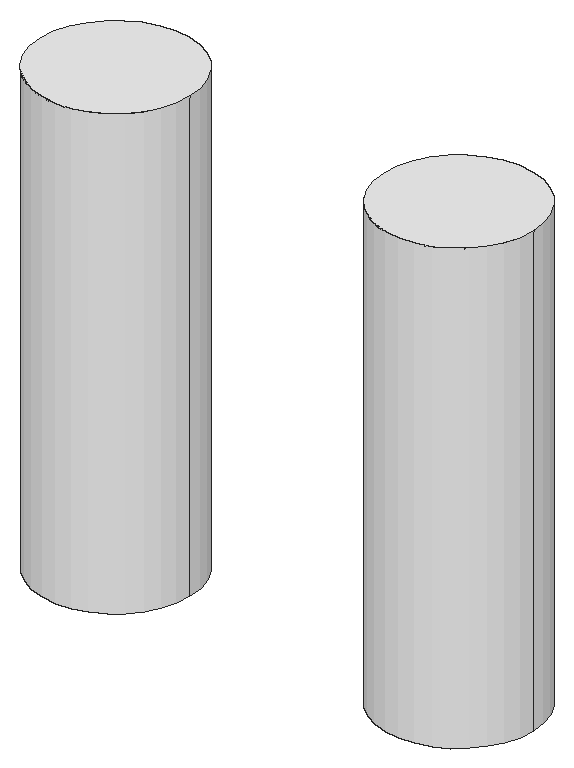
Revit family "93702219(2023)", category Plumbing Fixtures, Revit 2020
Family settings
  Round Connector Dimension = Use Diameter
  Part Type = Normal
  OmniClass Number = 23.45.55.00
  OmniClass Title = Sanitary Faucets, Wastes
  Work Plane-Based = No
  Always vertical = Yes
  Cut with Voids When Loaded = No
  Shared = No
  Room Calculation Point = No
Parameters (values of type "93702219 Washbasin faucet, 3 V, Bluetooth")
  Working Pressure = "100 - 1000 kPa"
  WarrantyStartDate [instance] = "n/a"
  WarrantyGuarantorParts = "n/a"
  WarrantyGuarantorLabor = "n/a"
  WarrantyDurationUnit = "Year"
  WarrantyDurationParts = "n/a"
  WarrantyDurationLabor = "n/a"
  WarrantyDescription = "http://warranty.hansa.com"
  Warranty Information URL = "http://warranty.hansa.com"
  VersionDate = "01/06/2023"
  Version = "1"
  ValvePattern = "n/a"
  ValveOperation = "n/a"
  ValveMechanism = "n/a"
  Uniclass2015Reference = "Pr_40_20_87_96"
  Uniclass2015Description = "Washbasin manual water supply sets"
  Uniclass2 = "Pr_40_30_96_96"
  URL WEEE = "http://static.hansa.com/WEEE/93702219"
  URL UWL = "http://static.hansa.com/UWL/93702219"
  URL REACH = "http://static.hansa.com/doc/reach"
  URL Materials Declaration = "http://www.hansa.com/fileadmin/resources/183276_93702219_materialsdeclaration.pdf"
  URL EcoLabel Declaration = "http://static.hansa.com/doc/EcoLabel"
  URL EU Packaging Declaration = "http://static.hansa.com/doc/packaging"
  URL Declaration of SCIP = "http://static.hansa.com/doc/SCIP"
  URL Declaration of Conformity = "http://static.hansa.com/DoC/93702219"
  URL Declaration of Asbestos = "http://static.hansa.com/doc/asbestos"
  URL Declaration Of Performance (DOP) = "http://static.hansa.com/doc/DoP"
  URL = ""
  UNSPSC Class Number = "30181700 Faucets or taps"
  Type Comments = ""
  TestPressure = "n/a"
  Temperature Adjustments = "Adjustable hot water stop (included, retrofittable)"
  Technical DataSheet URL = "http://www.hansa.com/datasheet/93702219/en"
  TagNumber [instance] = "n/a"
  SustainabilityPerformance = "n/a"
  Surface treatment = "Chrome"
  Spout Type = "Fixed spout"
  Spout Projection = "124 mm"
  Size = "70x170x190 mm"
  Shape = "Sculptured"
  SerialNumber [instance] = "n/a"
  Sales Package dimensions (LxWxH) = "568 x 182 x 78"
  Revision = "n/a"
  ReplacementCost = "n/a"
  Protection Class = "IP 55"
  ProductInformation = "n/a"
  Product URL = "http://static.hansa.com/93702219"
  Product Image URL = "http://static.hansa.com/image/93702219"
  Product Family = "HANSAELECTRA Digital"
  Product Code = "93702219"
  OperatingMechanismMaterial = "n/a"
  Operating Voltage = 39 V
  Operating Distance = "20-130 mm (110/130/160 mm)"
  NominalWidth = 68.942 mm
  NominalHeight = 190.012 mm
  NominalDepth = 167.912 mm
  Noise Class = "I (ISO 3822) "
  Name_en = "93702219 Washbasin faucet, 3 V, Bluetooth"
  Name = "93702219 Washbasin faucet, 3 V, Bluetooth"
  NBSReference = "45-35-70/371"
  NBSDescription = "Water supply fittings for wash basins and troughs"
  Mounting Holes = "1 hole"
  ModelReference = "93702219"
  ModelNumber = "n/a"
  Model = "93702219 Washbasin faucet, 3 V, Bluetooth"
  Mobile Product Information URL = "http://mpi.hansa.com/93702219"
  Mechanical Parts = "Mixing valve for manual temperature control;Non-return valve(s);Litter filter(s)"
  Max. Hot Water Supply = 70 °C
  Max Flow Period = "2 min (1 - 1800 s)"
  Material = "Brass"
  Market = "International;Germany;Austria;Switzerland;Belgium;Netherlands;Italy"
  ManufacturerURL = "http://www.hansa.com"
  ManufacturerName = "HANSA"
  Manufacturer = "HANSA"
  Long Marketing = "Electra 93 series give you a clean classic design with beautiful round body flowing into round spout design with a clear design line framing the faucet design.\nA Classic design with improved height for any installation.\n\nKey Features\nAerator with Tilt function +/- 10° for more flexible installation\nNewest Sensor technology for better detection and operation comfort\nBluetooth technology for easy adjustment to personalize settings \nAntiscalding protection\nTemperature measurement\nDigital Network Service\nBattery and power cable"
  Lever Handle = "Temperature control handle"
  Keynote = ""
  InstallationDate [instance] = "n/a"
  Installation Type = "Deck mounted"
  InletConnectionSize = 10 mm
  IfcExportType = "FAUCET"  # constant formula
  IfcExportAs = "IfcValveType"  # constant formula
  Group = "Washbasin faucet"
  Grade = "n/a"
  FlowCoefficient = 0
  Flow Rate At 300kPa With Flow Controller = 0.09 L/s
  Flow Drawing URL = "http://static.hansa.com/flowchart/93702219"
  Finish = "Polished"
  Features = "Touchless;Battery-operated;External transformer;Bluetooth®"
  FaucetMainMaterial = Brass
  FDV Document URL = "http://www.hansa.com/datasheet/93702219/en/fdv"
  ExpectedLife = "n/a"
  Electronic Parts = ";Light indicated function(s);Low battery indicator"
  Electrical Connection = "9 V"
  ETIM Class Number = "EC010340 Electronic tap"
  EN Standard = "EN 15091"
  EMC Directive = "2014/53/EU , 2011/65/EU"
  EAN Number = "4057304019579"
  DurationUnit = "Year"
  Dimension Drawing URL = "http://static.hansa.com/dimdrw/93702219"
  Description = ""
  DefaultElevation [instance] = 900 mm
  Default Elevation = 0 mm
  Constituents = "n/a"
  Connection Size = "G3/8"
  Connection = "Flexible inlet pipes"
  Color = "Chrome"
  CodePerformance = "n/a"
  CloseOffRating = 0
  Catalog Drawing URL = "http://static.hansa.com/catdrw/93702219"
  CO2 Emissions (D) = -9.2
  CO2 Emissions (C4) = 0.35
  CO2 Emissions (C3) = 0.03
  CO2 Emissions (C2) = 0.02
  CO2 Emissions (C1) = 0
  CO2 Emissions (B7) = 430
  CO2 Emissions (A4) = 0.46
  CO2 Emissions (A1-A3) = 12.6
  Brand = "HANSA"
  BodyMaterial = "Brass"
  Bluetooth = "5.x (D060576)"
  Battery = "AA 1.5 V Lithium x 2"
  Barcode [instance] = "n/a"
  Backflow Prevention EN1717 = "AA"
  BIMObjectName = "93702219(2023)"
  Automatic Flush Period = "30 s (1-1800 s)"
  Automatic Flush Frequency = "off (off/1-120 h)"
  Author = "BIMStone"
  AssetType = "Fixed"
  AssetIdentifier [instance] = "n/a"
  Afterflow Period = "3 s (1-20 s)"
  Aerator = "PCA® - constant flow rate regardless of pressure variations;Adjustable flow angle"
  Advanced Features = "3S-installation system for safe and simple mounting"
  AccessibilityPerformance = "n/a"
  2D/3D/BIM Files URL = "http://static.hansa.com/bim/93702219"
Reference planes
  plane 1 "Center (Front/Back)": y = 0
  plane 2: z = 0
  plane 3 "Center (Left/Right)": x = 0
  plane 4: x = -27.96
  plane 5: z = 900
  plane 6: z = 870
  plane 7: y = -167.912
  plane 8: x = 27.96
  plane 9: z = 1090.012
  plane 10: x = 40.982
Forms (mm)
  Extrusion 1, solid, material "Brass" <- "FaucetMainMaterial"
    sketch origin (0, -2.393, 0) x (1, 0, 0) y (0, 1, 0)
      loop
        circle (-11.5, -22.5) r 5
      loop
        circle (11.5, -22.5) r 5
    from 870 to 900
Dimensions and locks
  "DefaultElevation": plane 5 to level
  locked: plane 5 to plane 6 at 30
  "NominalDepth": plane 7 to plane 1 "Center (Front/Back)"
  equal spacing: plane 4, plane 3 "Center (Left/Right)", plane 8
  "NominalHeight": plane 9 to plane 5
  locked: plane 8 to plane 10 at 13.022
  "NominalWidth": plane 4 to plane 10
  "InletConnectionSize": diameter of Extrusion 1 sketch curve  (x2)
  aligned and locked: level to plane 2
  aligned and locked: plane 5 to Extrusion 1
  aligned and locked: Extrusion 1 to plane 6
  aligned and locked: plane 1 "Center (Front/Back)" to nested 2
  aligned and locked: plane 3 "Center (Left/Right)" to nested 2
  aligned and locked: plane 3 "Center (Left/Right)" to nested 1
  aligned and locked: plane 1 "Center (Front/Back)" to nested 1
  aligned and locked: plane 5 to nested 2
Automatic sketch dimensions
  Extrusion 1 sketch curve to plane 3 "Center (Left/Right)" = 11.5 mm
  plane 3 "Center (Left/Right)" to Extrusion 1 sketch curve = 11.5 mm
  plane 1 "Center (Front/Back)" to Extrusion 1 sketch curve = 24.893 mm
  Extrusion 1 sketch curve to Extrusion 1 sketch curve = 0 mm
Nested families
  nested 1: "Symbol" at (0, 0, 0), type "Symbol", detail levels coarse
  nested 2: "93702219(2023)_Body" at (0, 0, 900), Material <- "FaucetMainMaterial", type "93702219(2023)_Body"
    with Material Brass
Connectors
  piping at (-11.5, -24.893, 870), diameter 10, driven by "InletConnectionSize"
    settings: on Extrusion 1, index 1, connector inside diameter 609.6 mm, connector length 0 mm, flow factor 0, pipe flow 0.2 L/s, pressure drop 0.0 Pa, fitting loss kfactor 0, connector angle 0.00°, fixture units 0, engagement length 0 mm, angle of deflection 0.00°, flow configuration 1, flow direction 1, fitting loss method 0, system type 19, joint type 0, gender type 0, connector reference index -1, connector utility 0, adjustable connector no, is connector primary yes, connector description ""
  piping at (11.5, -24.893, 870), diameter 10, driven by "InletConnectionSize"
    settings: on Extrusion 1, index 2, connector inside diameter 609.6 mm, connector length 0 mm, flow factor 0, pipe flow 0.2 L/s, pressure drop 0.0 Pa, fitting loss kfactor 0, connector angle 0.00°, fixture units 0, engagement length 0 mm, angle of deflection 0.00°, flow configuration 1, flow direction 1, fitting loss method 0, system type 20, joint type 0, gender type 0, connector reference index -1, connector utility 0, adjustable connector no, is connector primary no, connector description ""
Definition of nested family "Symbol"
  Reference planes
    plane 1: y = 0
    plane 2: x = 0
  Lines and regions (mm)
    detail lines
      curve 1: line (0, 0, 0) -> (0, -1.8, 0)
      curve 2: line (-0.4, -1.1, 0) -> (0.4, -1.1, 0)
      curve 3: line (-0.4, -1.4, 0) -> (0.4, -1.4, 0)
      curve 4: line (0.863, 0, 0) -> (-0.863, 0, 0)
      curve 5: circle (-1.163, 0, 0) r 0.3 normal (0, 0, -1)
      curve 6: circle (1.163, 0, 0) r 0.3 normal (0, 0, 1)
